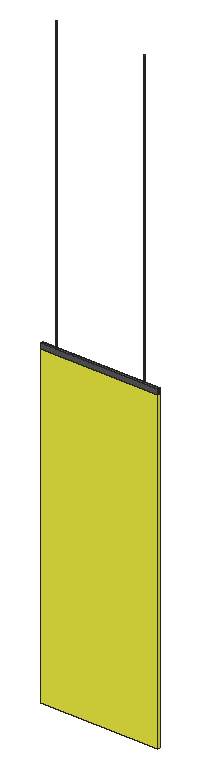
Revit family "Haworth_BuzziFalls_Plain", category Furniture, Revit 2018
Family settings
  OmniClass Number = 23.40.70.14.64.21
  OmniClass Title = Systems Furniture
  Work Plane-Based = No
  Always vertical = Yes
  Cut with Voids When Loaded = No
  Shared = No
  Room Calculation Point = No
Parameters (values of type "HCBZ-FAS1-PN")
  Warranty = "http://www.haworth.com/resources/product-info/warranties"
  URL - Product = "https://www.haworth.com/products/architectural-interiors/acoustic-solutions/buzzifalls"
  URL = "http://www.haworth.com/our-brands/haworth-collection"
  Small = yes
  Size = "Verify Final Dim. w/ Haworth"  # constant formula
  Screen Finish [instance] = Haworth _ Fabric _ BuzziFelt _ Curry BFE-61
  Revision Number = "1"  # constant formula
  Patterns = " Plain, Alhambra, Birch, Dots, Grid, Leaves, Orient, Palms, Parrots, Pebbles, Rain, Royal, Tropics"  # constant formula
  Model = "HCBZ-FAS"  # constant formula
  Manufacturer = "Haworth"  # constant formula
  Large = not(Small)  # no
  Description = "Haworth BuzziFalls Small Screen Plain"
  Connector Finish = Haworth _ Paint _ Black BTR-9005
  Cable Length = 78 23/32"
  Author = "Haworth (Abd Rahman)"  # constant formula
  Assembly Code = "E2020200"
  Actual Width = 31 1/2"  # constant formula
  Actual Height = if(Small, 86 39/64", 98 27/64")  # 86 39/64"
  Actual Depth = 25/32"  # constant formula
Types (2): name | Small | Large | Description | Actual Height
  HCBZ-FAS1-PN | yes | no | "Haworth BuzziFalls Small Screen Plain" | 86 39/64"
  HCBZ-FAS2-PN | no | yes | "Haworth BuzziFalls Large Screen Plain" | 98 27/64"
Reference planes (in)
  plane 1: z = 11.8125
  plane 2 "Back": y = 2.14062
  plane 3 "Front": y = 1.35937
  plane 4 "Top": z = 98.42188
  plane 5 "Right": x = 48.05608
  plane 6 "Left": x = 16.55608
  plane 7: x = 32.30608
  plane 8: y = 1.75
  plane 9: z = 96.85187
  plane 10: z = 177.14062
  plane 11: z = 98.39062
Forms (in)
  Extrusion 1, solid, material "Haworth _ Fabric _ BuzziFelt _ Curry BFE-61" <- "Screen Finish"
    sketch origin (0, 0, 0) x (1, 0, 0) y (0, 1, 0)
      loop
        line (16.55608, 1.98622) -> (16.55608, 1.51378) -> (48.05608, 1.51378) -> (48.05608, 1.98622) -> (16.55608, 1.98622)
    from 11.8125 to 98.3888
  Extrusion 2, solid, material "Haworth _ Paint _ Black BTR-9005" <- "Connector Finish"
    sketch origin (48.05608, 0, 0) x (0, 1, 0) y (0, 0, 1)
      loop
        line (2.02559, 96.84759) -> (2.02559, 98.42188) -> (1.47441, 98.42188) -> (1.47441, 96.85187) -> (1.51378, 96.85187) -> (1.51378, 98.3888) -> (1.98622, 98.3888) -> (1.98622, 96.84759) -> (2.02559, 96.84759)
    from 0 to -31.5
  Extrusion 3, solid, material "Haworth _ Paint _ Black BTR-9005" <- "Connector Finish"
    sketch origin (0, 0, 0) x (1, 0, 0) y (0, 1, 0)
      loop
        circle (20.49296, 1.75) r 0.07874
      loop
        circle (44.11512, 1.75) r 0.07874
    from 98.3888 to 177.14062
Lines and regions (in)
  Masking region 1
    outline origin (0, 0, 0) x (1, 0, 0) y (0, 1, 0)
      loop
        line (16.55608, 1.98622) -> (16.55608, 1.51378) -> (48.05608, 1.51378) -> (48.05608, 1.98622) -> (16.55608, 1.98622)
Dimensions and locks (in)
  "Actual Width": plane 6 "Left" to plane 5 "Right"
  "Actual Depth": plane 3 "Front" to plane 2 "Back"
  equal spacing: plane 6 "Left", plane 7, plane 5 "Right"
  equal spacing: plane 2 "Back", plane 8, plane 3 "Front"
  "Actual Height": plane 4 "Top" to plane 1
  "Cable Length": plane 10 to plane 4 "Top"
  Extrusion 2 to plane 4 "Top" = 0"
  locked: plane 4 "Top" to plane 11 at 0.03125
  aligned and locked: plane 6 "Left" to Extrusion 2
  aligned and locked: plane 5 "Right" to Extrusion 2
  aligned and locked: plane 10 to Extrusion 3
  aligned and locked: Extrusion 1 to plane 1
  aligned and locked: plane 5 "Right" to Extrusion 1
  aligned and locked: plane 6 "Left" to Extrusion 1
  aligned and locked: Extrusion 2 to plane 6 "Left"
  aligned and locked: Extrusion 2 to plane 9
  aligned and locked: Extrusion 2 to plane 5 "Right"
  aligned and locked: Extrusion 1 to Extrusion 2
  aligned and locked: Extrusion 3 to Extrusion 1
Automatic sketch dimensions
  Extrusion 1 sketch curve to plane 6 "Left" = 0"
  Extrusion 1 sketch curve to plane 5 "Right" = 0"
  Extrusion 1 sketch curve to plane 3 "Front" = 0.1544"
  Extrusion 1 sketch curve to plane 2 "Back" = 0.1544"
  Extrusion 2 sketch curve to plane 9 = 0"
  Extrusion 2 sketch curve to plane 4 "Top" = 0.03308"
  plane 4 "Top" to Extrusion 2 sketch curve = 0"
  Extrusion 2 sketch curve to plane 3 "Front" = 0.11503"
  Extrusion 2 sketch curve to Extrusion 2 sketch curve = 0.03937"  (x2)
  Extrusion 2 sketch curve to plane 2 "Back" = 0.1544"
  Extrusion 2 sketch curve to plane 9 = 0.00428"
  Extrusion 3 sketch curve to plane 8 = 0"  (x2)
  Extrusion 3 sketch curve to plane 6 "Left" = 3.93688"
  Extrusion 3 sketch curve to plane 5 "Right" = 3.94096"
  Masking region 1 sketch curve to plane 6 "Left" = 0"
  Masking region 1 sketch curve to plane 5 "Right" = 0"
  Masking region 1 sketch curve to plane 3 "Front" = 0.1544"
  Masking region 1 sketch curve to plane 2 "Back" = 0.1544"
  radius of Extrusion 3 sketch curve = 0.07874"  (x2)
